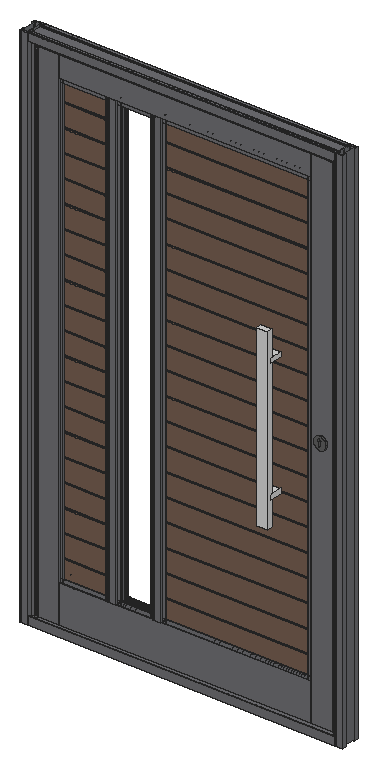
Revit family "Y1321P Y2 CH K LH", category Doors, host Wall, Revit 2024 (continued)
Automatic sketch dimensions
  Extrusion 15 sketch curve to Extrusion 15 sketch curve = 1.6 mm  (x6)
  host wall to Extrusion 15 sketch curve = 6.55 mm  (x2)
  host wall to Extrusion 15 sketch curve = 2 mm  (x2)
  Extrusion 15 sketch curve to host wall = 12 mm  (x2)
  Extrusion 15 sketch curve to Extrusion 15 sketch curve = 1.5 mm  (x2)
  Extrusion 15 sketch curve to host wall = 17.1 mm  (x2)
  Extrusion 15 sketch curve to host wall = 19.7 mm
  Extrusion 15 sketch curve to Extrusion 15 sketch curve = 4.4 mm  (x2)
  Extrusion 15 sketch curve to Extrusion 15 sketch curve = 2.6 mm  (x2)
  Extrusion 15 sketch curve to Extrusion 15 sketch curve = 4.95 mm
  level to Extrusion 15 sketch curve = 33.5 mm  (x2)
  Extrusion 15 sketch curve to Extrusion 15 sketch curve = 2 mm  (x4)
  Extrusion 15 sketch curve to Extrusion 15 sketch curve = 12.447 mm  (x4)
  Extrusion 15 sketch curve to Extrusion 15 sketch curve = 0.953 mm  (x20)
  Extrusion 15 sketch curve to Extrusion 15 sketch curve = 3 mm  (x11)
  Extrusion 15 sketch curve to Extrusion 15 sketch curve = 10.747 mm  (x3)
  Extrusion 15 sketch curve to Extrusion 15 sketch curve = 95.295 mm
  Extrusion 15 sketch curve to Extrusion 15 sketch curve = 7.947 mm  (x2)
  Extrusion 15 sketch curve to Extrusion 15 sketch curve = 10.547 mm  (x2)
  Extrusion 15 sketch curve to Extrusion 15 sketch curve = 0.8 mm
  Extrusion 15 sketch curve to Extrusion 15 sketch curve = 1.205 mm  (x2)
  Extrusion 15 sketch curve to Extrusion 15 sketch curve = 1.293 mm
  Extrusion 15 sketch curve to Extrusion 15 sketch curve = 0.241 mm  (x2)
  Extrusion 15 sketch curve to Extrusion 15 sketch curve = 0.402 mm  (x2)
  Extrusion 15 sketch curve to Extrusion 15 sketch curve = 1.066 mm  (x2)
  Extrusion 15 sketch curve to Extrusion 15 sketch curve = 0.993 mm  (x2)
  Extrusion 15 sketch curve to Extrusion 15 sketch curve = 10.607 mm  (x2)
  Extrusion 15 sketch curve to Extrusion 15 sketch curve = 0.693 mm  (x2)
  Extrusion 15 sketch curve to Extrusion 15 sketch curve = 2.5 mm  (x2)
  Extrusion 15 sketch curve to Extrusion 15 sketch curve = 1.2 mm  (x2)
  plane 5 to Extrusion 15 sketch curve = 146.5 mm
  Extrusion 15 sketch curve to Extrusion 15 sketch curve = 0.405 mm
  Extrusion 15 sketch curve to Extrusion 15 sketch curve = 30.295 mm  (x2)
  host wall to Extrusion 16 sketch curve = 12 mm  (x7)
  Extrusion 16 sketch curve to Extrusion 16 sketch curve = 0 mm  (x48)
  host wall to Extrusion 16 sketch curve = 4.5 mm  (x19)
  Extrusion 16 sketch curve to host wall = 2.5 mm  (x19)
  Extrusion 16 sketch curve to Extrusion 16 sketch curve = 7.5 mm  (x20)
  level to Extrusion 16 sketch curve = 183.5 mm
  Extrusion 16 sketch curve to Extrusion 16 sketch curve = 82.7 mm  (x19)
  Extrusion 16 sketch curve to Extrusion 16 sketch curve = 8 mm  (x22)
  Extrusion 16 sketch curve to Extrusion 16 sketch curve = 81.7 mm
  host wall to Extrusion 17 sketch curve = 12 mm  (x7)
  Extrusion 17 sketch curve to Extrusion 17 sketch curve = 0 mm  (x48)
  host wall to Extrusion 17 sketch curve = 4.5 mm  (x19)
  Extrusion 17 sketch curve to host wall = 2.5 mm  (x19)
  Extrusion 17 sketch curve to Extrusion 17 sketch curve = 7.5 mm  (x20)
  level to Extrusion 17 sketch curve = 183.5 mm
  Extrusion 17 sketch curve to Extrusion 17 sketch curve = 82.7 mm  (x19)
  Extrusion 17 sketch curve to Extrusion 17 sketch curve = 8 mm  (x22)
  Extrusion 17 sketch curve to Extrusion 17 sketch curve = 81.7 mm
  Extrusion 18 sketch curve to host wall = 0 mm
  Extrusion 18 sketch curve to host wall = 20 mm
  plane 4 "Right" to Extrusion 18 sketch curve = 269.704 mm
  Extrusion 18 sketch curve to Extrusion 18 sketch curve = 40 mm
  plane 4 "Right" to Extrusion 19 sketch curve = 269.704 mm  (x2)
  Extrusion 19 sketch curve to Extrusion 19 sketch curve = 40 mm  (x2)
  plane 5 to Extrusion 19 sketch curve = 805 mm
  Extrusion 19 sketch curve to Extrusion 19 sketch curve = 20 mm  (x2)
  Extrusion 19 sketch curve to Extrusion 19 sketch curve = 470 mm
  Extrusion 20 sketch curve to host wall = 18 mm
  plane 4 "Right" to Extrusion 20 sketch curve = 269.704 mm
  host wall to Extrusion 20 sketch curve = 2 mm
  Extrusion 20 sketch curve to Extrusion 20 sketch curve = 40 mm
  plane 4 "Right" to Extrusion 21 sketch curve = 269.704 mm  (x2)
  Extrusion 21 sketch curve to Extrusion 21 sketch curve = 40 mm  (x2)
  level to Extrusion 21 sketch curve = 805 mm
  Extrusion 21 sketch curve to Extrusion 21 sketch curve = 20 mm  (x2)
  Extrusion 21 sketch curve to Extrusion 21 sketch curve = 470 mm
  radius of Extrusion 8 sketch curve = 25 mm
  radius of Extrusion 9 sketch curve = 25 mm
